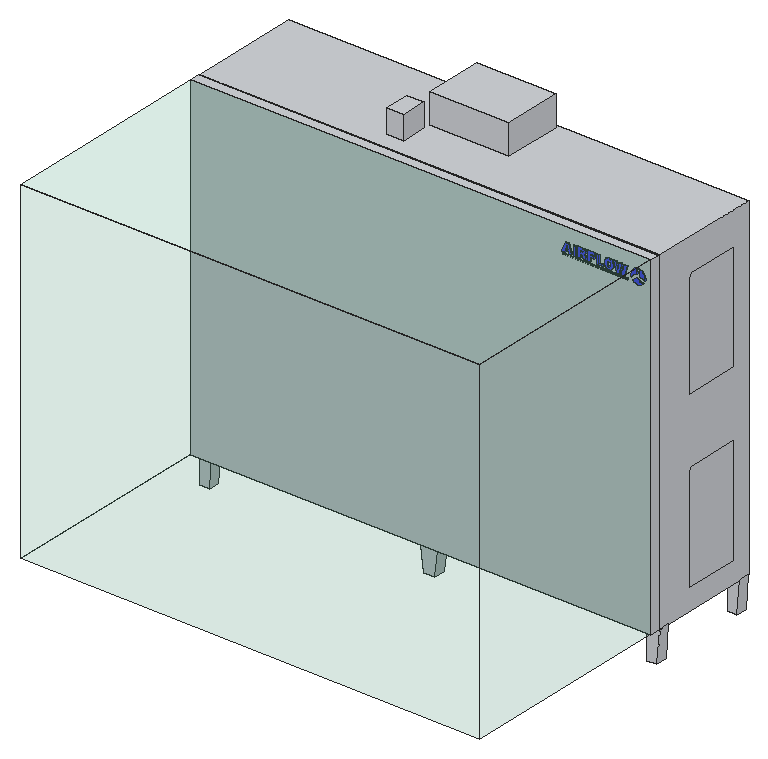
Revit family "DUPLEXVENT Flexi DV2600", category Mechanical Equipment, Revit 2015
Parameters (values of type "Flexi DV2600")
  e-mail = "info@airflow.com"
  Width mm = "2150"
  Weekly clock control as a standard feature = "Yes"
  Web site = "www.airflow.com"
  Water or DX heating and cooling coils (optional) = "Yes"
  Warranty = "3 Years"
  Voltage Supply      Single Phase = "220-240v ac"
  Versatile positioning (floor/ceiling installation) = "Yes"
  Unique triple filter design = ""
  Telephone = "01494 525252"
  Technical support = "01494 560950"
  Supply air filter = "F7"
  Summer By-pass = "Automatic"
  SAP Appendix Q Eligible = "No"
  Pre-heater = "Optional  10500 W"
  Post-heater = "Optional  10500 W"
  Passive House Certified = "Yes"
  Part number = "90000069"
  Model = "FLEXI DV2600"
  Meets Building Regulations Approved Document F 2010 = "Yes"
  Max Air Volume  m3/hr = "3100"
  Internet connection = "Yes"
  ISO9001   Quality Assurance approved = ""
  ISO14001 Environmental Management approved = ""
  IP Rating = ""
  Humidity control (optional) = "Yes"
  Height mm = "1570"
  Heat Recovery = ">90%"
  Heat Exchanger = "Counterflow"
  Frost protection = "Included"
  Frequency = "50Hz"
  Filter maintenance reminder = "Yes"
  Fan input = "305-870 W DC"
  Extract air filter = "M5"
  Excellent heat recovery efficiency of the counter flow cell = "Yes"
  Electronic control panel with LCD display = "Yes"
  EC motor for fine speed control = "Yes"
  Duct Connections = "4 x 500x250mm dia"
  Depth mm = "570"
  Control Standard = "Digital - 10 Speed,BMS (MODBUS) + Internet"
  Control Optional = "Humidity,CO2,Air quality"
  Condensate pipe dia = "21mm"
  Company Accreditations = ""
  Carbon dioxide control (optional) = "Yes"
  Built-in electric heater (standard) = ""
  Balanced supply and extract air ventilation with heat recovery = "Yes"
  Automatic cut-out switch = ""
  Airflow Developments Limited = "Lancaster Road,Cressex Business Park,HighWycombe,HP12 3QP"
  Air Volume @ Pa = "2600@200Pa"
  100% Summer/Winter by-pass = "Yes"
Reference planes
  plane 1 "Center (Front/Back)": y = 0
  plane 2: z = 0
  plane 3 "Center (Left/Right)": x = 0
  plane 4: x = 1100
  plane 5: x = 1101.691
  plane 6: x = -1100
  plane 7: y = -310
  plane 8: y = -1310
Forms (mm)
  Extrusion 1, solid
    sketch origin (0, 0, 960) x (0, 1, 0) y (0, 0, 1)
      loop
        line (170, 600) -> (-80, 600) -> (-80, 100) -> (170, 100) -> (170, 600)
    from 1066.958 to 1075
  Extrusion 2, solid
    sketch origin (-1185, 0, 960) x (0, 1, 0) y (0, 0, 1)
      loop
        line (170, 600) -> (-80, 600) -> (-80, 100) -> (170, 100) -> (170, 600)
    from 110 to 120
  Extrusion 3, solid
    sketch origin (-1880, 0, 150) x (0, 1, 0) y (0, 0, 1)
      loop
        line (170, 600) -> (-80, 600) -> (-80, 100) -> (170, 100) -> (170, 600)
    from 805 to 815
  Extrusion 4, solid, material "Clearance - Daikin - Green (80% Transparent)"
    sketch origin (-2172.84, 304.161, 0) x (1, 0, 0) y (0, 1, 0)
      loop
        line (1097.84, -614.161) -> (1097.84, -1614.161) -> (3247.84, -1614.161) -> (3247.84, -614.161) -> (1097.84, -614.161)
    from 150 to 1720
  Extrusion 5, solid, material "Default New Material"
    sketch origin (627.231, -309.818, 1066.521) x (1, 0, 0) y (0, 0, 1)
      loop
        line (33.662, 546.992) -> (47.504, 546.992) -> (49.8, 554.501) -> (64.199, 554.501) -> (66.495, 546.992) -> (80.707, 546.992) -> (64.23, 592.263) -> (50.139, 592.263) -> (33.662, 546.992)
    from 0 to 2
  Extrusion 6, solid, material "Default New Material"
    sketch origin (644.731, -309.818, 1066.521) x (1, 0, 0) y (0, 0, 1)
      loop
        line (69.991, 592.263) -> (69.991, 546.992) -> (81.006, 546.992) -> (81.006, 592.263) -> (69.991, 592.263)
    from 0 to 2
  Extrusion 7, solid, material "Default New Material"
    sketch origin (653.481, -309.818, 1064.646) x (1, 0, 0) y (0, 0, 1)
      loop
        line (80.196, 594.421) -> (80.196, 549.269) -> (93.366, 549.269) -> (93.366, 564.757) -> (103.042, 564.757)
        arc (103.042, 564.757) -> (105.945, 561.42) -> (106.877, 557.096) r 8.876
        arc (106.877, 557.096) -> (106.978, 553.159) -> (107.589, 549.269) r 30.266
        line (107.589, 549.269) -> (120.811, 549.269) -> (120.034, 552.165)
        arc (120.034, 552.165) -> (119.324, 562.114) -> (114.35, 570.758) r 22.312
        arc (114.35, 570.758) -> (120.1, 584.759) -> (108.45, 594.421) r 12.774
        line (108.45, 594.421) -> (80.196, 594.421)
    from 0 to 2
  Extrusion 8, solid, material "Default New Material"
    sketch origin (673.481, -309.818, 1067.146) x (1, 0, 0) y (0, 0, 1)
      loop
        line (107.47, 592.03) -> (107.47, 547.811) -> (121.006, 547.811) -> (121.006, 565.157) -> (138.209, 565.157) -> (138.209, 575.182) -> (121.006, 575.182) -> (121.006, 580.832) -> (141.27, 580.832) -> (141.27, 592.03) -> (107.47, 592.03)
    from 0 to 2
  Extrusion 9, solid, material "Default New Material"
    sketch origin (689.731, -309.818, 1059.021) x (1, 0, 0) y (0, 0, 1)
      loop
        line (131.775, 600.068) -> (131.775, 555.608) -> (164.524, 555.608) -> (164.524, 566.494) -> (145.386, 566.494) -> (145.386, 600.068) -> (131.775, 600.068)
    from 0 to 2
  Extrusion 10, solid, material "Default New Material"
    sketch origin (709.106, -309.818, 1072.771) x (1, 0, 0) y (0, 0, 1)
      loop
        line (150.928, 566.262) -> (150.928, 557.838)
        arc (150.928, 557.838) -> (172.103, 540.791) -> (193.278, 557.838) r 21.675
        line (193.278, 557.838) -> (193.278, 566.262)
        arc (193.278, 566.262) -> (172.103, 587.437) -> (150.928, 566.262) r 21.175
    from 0 to 2
  Extrusion 11, solid, material "Default New Material"
    sketch origin (722.856, -309.818, 1073.396) x (1, 0, 0) y (0, 0, 1)
      loop
        line (180.086, 586.527) -> (192.731, 539.337) -> (207.266, 539.337) -> (211.814, 568.052) -> (216.877, 539.337) -> (231.678, 539.337) -> (244.322, 586.527) -> (229.562, 586.527) -> (224.384, 559.884) -> (218.233, 586.527) -> (205.528, 586.527) -> (200.223, 559.235) -> (193.922, 586.527) -> (180.086, 586.527)
    from 0 to 2
  Extrusion 12, solid, material "Default New Material"
    sketch origin (764.731, -309.818, 1072.771) x (1, 0, 0) y (0, 0, 1)
      loop
        arc (221.303, 544.682) -> (232.336, 558.541) -> (247.466, 567.754) r 50.651
        arc (247.466, 567.754) -> (247.504, 579.86) -> (244.131, 591.486) r 42.547
        arc (244.131, 591.486) -> (223.132, 572.759) -> (221.303, 544.682) r 37.116
    from 0 to 2
  Extrusion 13, solid, material "Default New Material"
    sketch origin (760.981, -309.818, 1050.896) x (1, 0, 0) y (0, 0, 1)
      loop
        arc (232.653, 557.878) -> (258.976, 547.801) -> (283.475, 561.739) r 32.985
        arc (283.475, 561.739) -> (266.143, 564.019) -> (250.499, 571.82) r 52.926
        arc (250.499, 571.82) -> (240.936, 565.669) -> (232.653, 557.878) r 62.148
    from 0 to 2
  Extrusion 14, solid, material "Default New Material"
    sketch origin (770.356, -309.818, 1070.271) x (1, 0, 0) y (0, 0, 1)
      loop
        arc (249.42, 593.599) -> (255.124, 579.573) -> (256.146, 564.467) r 47.706
        arc (256.146, 564.467) -> (266.559, 557.722) -> (278.738, 555.349) r 32.649
        arc (278.738, 555.349) -> (272.504, 580.931) -> (249.42, 593.599) r 32.657
    from 0 to 2
  Extrusion 15, void
    sketch origin (627.231, -129.618, 1066.521) x (1, 0, 0) y (0, 0, 1)
      loop
        line (50.895, 558.084) -> (63.104, 558.084) -> (57, 578.051) -> (50.895, 558.084)
    from 180.2 to 183
  Extrusion 16, void
    sketch origin (653.481, -129.618, 1065.896) x (1, 0, 0) y (0, 0, 1)
      loop
        line (93.366, 582.916) -> (93.366, 572.444) -> (104.52, 572.444)
        arc (104.52, 572.444) -> (108.275, 577.68) -> (104.52, 582.916) r 5.528
        line (104.52, 582.916) -> (93.366, 582.916)
    from 180.2 to 183
  Extrusion 17, void
    sketch origin (711.293, -129.618, 1064.021) x (1, 0, 0) y (0, 0, 1)
      loop
        line (162.775, 575.888) -> (162.775, 569.468)
        arc (162.775, 569.468) -> (169.969, 562.274) -> (177.164, 569.468) r 7.195
        line (177.164, 569.468) -> (177.164, 575.888)
        arc (177.164, 575.888) -> (169.969, 583.083) -> (162.775, 575.888) r 7.195
    from 180.2 to 183
  Extrusion 18, solid, material "PVC, Flexible"
    sketch origin (659.731, -130.618, 1051.521) x (1, 0, 0) y (0, 0, 1)
      loop
        line (4.524, 555.993) -> (4.524, 554.731) -> (307.911, 554.731) -> (307.911, 555.993) -> (4.524, 555.993)
    from 179 to 181
  Extrusion 19, solid, material "PVC, Flexible"
    sketch origin (659.731, -130.618, 1047.448) x (1, 0, 0) y (0, 0, 1)
      loop
        line (4.524, 555.993) -> (4.524, 554.731) -> (307.911, 554.731) -> (307.911, 555.993) -> (4.524, 555.993)
    from 179 to 181
  Extrusion 20, solid
    sketch origin (0, 0, 0) x (1, 0, 0) y (0, 1, 0)
      loop
        line (-1075, 260) -> (-1075, -260) -> (1075, -260) -> (1075, 260) -> (-1075, 260)
    from 150 to 1720
  Extrusion 21, solid
    sketch origin (0, 0, 0) x (1, 0, 0) y (0, 1, 0)
      loop
        line (-1075, -265) -> (-1075, -310) -> (1075, -310) -> (1075, -265) -> (-1075, -265)
    from 150 to 1720
  Extrusion 22, solid
    sketch origin (0, 0, 0) x (1, 0, 0) y (0, 1, 0)
      loop
        line (-265, -60) -> (-265, -180) -> (-185, -180) -> (-185, -60) -> (-265, -60)
    from 1720 to 1830
  Extrusion 23, solid
    sketch origin (0, 0, 0) x (1, 0, 0) y (0, 1, 0)
      loop
        line (-185, 245) -> (-185, -30) -> (185, -30) -> (185, 245) -> (-185, 245)
    from 1720 to 1860
  Extrusion 24, solid
    sketch origin (0, 0, 150) x (0, 1, 0) y (0, 0, 1)
      loop
        line (170, 600) -> (-80, 600) -> (-80, 100) -> (170, 100) -> (170, 600)
    from 1066.958 to 1075
  Blend 25, solid
    base sketch origin (0, 0, 0) x (1, 0, 0) y (0, 1, 0)
      loop
        line (-1075, 260) -> (-1075, 210) -> (-1017, 210) -> (-1017, 260) -> (-1075, 260)
    top sketch origin (0, 0, 0) x (1, 0, 0) y (0, 1, 0)
      loop
        line (-1075, 260) -> (-1075, 210) -> (-1029, 210) -> (-1029, 260) -> (-1075, 260)
    from 150 to 0
  Blend 26, solid
    base sketch origin (0, -470, 0) x (1, 0, 0) y (0, 1, 0)
      loop
        line (-1075, 260) -> (-1075, 210) -> (-1017, 210) -> (-1017, 260) -> (-1075, 260)
    top sketch origin (0, -470, 0) x (1, 0, 0) y (0, 1, 0)
      loop
        line (-1075, 260) -> (-1075, 210) -> (-1029, 210) -> (-1029, 260) -> (-1075, 260)
    from 150 to 0
  Blend 27, solid
    base sketch origin (2092, 0, 0) x (1, 0, 0) y (0, 1, 0)
      loop
        line (-1075, 260) -> (-1075, 210) -> (-1017, 210) -> (-1017, 260) -> (-1075, 260)
    top sketch origin (2092, 0, 0) x (1, 0, 0) y (0, 1, 0)
      loop
        line (-1075, 260) -> (-1075, 210) -> (-1029, 210) -> (-1029, 260) -> (-1075, 260)
    from 150 to 0
  Blend 28, solid
    base sketch origin (2092, -470, 0) x (1, 0, 0) y (0, 1, 0)
      loop
        line (-1075, 260) -> (-1075, 210) -> (-1017, 210) -> (-1017, 260) -> (-1075, 260)
    top sketch origin (2092, -470, 0) x (1, 0, 0) y (0, 1, 0)
      loop
        line (-1075, 260) -> (-1075, 210) -> (-1029, 210) -> (-1029, 260) -> (-1075, 260)
    from 150 to 0
  Blend 29, solid
    base sketch origin (0, 0, 0) x (1, 0, 0) y (0, 1, 0)
      loop
        line (-45.072, 260) -> (-45.072, 210) -> (44.928, 210) -> (44.928, 260) -> (-45.072, 260)
    top sketch origin (0, 0, 0) x (1, 0, 0) y (0, 1, 0)
      loop
        line (-25.072, 260) -> (-25.072, 210) -> (24.928, 210) -> (24.928, 260) -> (-25.072, 260)
    from 150 to 0
  Blend 30, solid
    base sketch origin (0, -470, 0) x (1, 0, 0) y (0, 1, 0)
      loop
        line (-45.072, 260) -> (-45.072, 210) -> (44.928, 210) -> (44.928, 260) -> (-45.072, 260)
    top sketch origin (0, -470, 0) x (1, 0, 0) y (0, 1, 0)
      loop
        line (-25.072, 260) -> (-25.072, 210) -> (24.928, 210) -> (24.928, 260) -> (-25.072, 260)
    from 150 to 0
Cuts and joins
  Extrusion 15 cuts Extrusion 5
  Extrusion 16 cuts Extrusion 7
  Extrusion 17 cuts Extrusion 10
Dimensions and locks
  Extrusion 1 to Extrusion 1 = 8.042 mm
  plane 7 to plane 8 = 1000 mm
  Extrusion 4 to Extrusion 4 = 2150 mm
  plane 6 to plane 5 = 2201.691 mm
  aligned and locked: Extrusion 2 to Extrusion 3  (x2)
  aligned and locked: Extrusion 4 to plane 8
Connectors
  hvac at (1075, 45, 1310)
    settings: on Extrusion 1, index 1, duct flow 0.0 L/s, flow factor 0, pres drop 0.0 Pa, loss coef 0, conn angle 0.00°, conn width 250 mm, conn height 500 mm, conn diameter 609.6 mm, duct sys type 2, conn prof type 1, flow config 0, flow direction 2, loss method 0, conn ref index -1, conn util no, is conn primary yes, conn desc ""
  hvac at (-1075, 45, 500)
    settings: on Extrusion 3, index 3, duct flow 0.0 L/s, flow factor 0, pres drop 0.0 Pa, loss coef 0, conn angle 0.00°, conn width 250 mm, conn height 500 mm, conn diameter 609.6 mm, duct sys type 2, conn prof type 1, flow config 0, flow direction 1, loss method 0, conn ref index -1, conn util no, is conn primary no, conn desc ""
  hvac at (-1075, 45, 1310)
    settings: on Extrusion 2, index 5, duct flow 0.0 L/s, flow factor 0, pres drop 0.0 Pa, loss coef 0, conn angle 0.00°, conn width 250 mm, conn height 500 mm, conn diameter 609.6 mm, duct sys type 1, conn prof type 1, flow config 0, flow direction 2, loss method 0, conn ref index -1, conn util no, is conn primary no, conn desc ""
  hvac at (1075, 45, 500)
    settings: on Extrusion 24, index 6, duct flow 0.0 L/s, flow factor 0, pres drop 0.0 Pa, loss coef 0, conn angle 0.00°, conn width 250 mm, conn height 500 mm, conn diameter 609.6 mm, duct sys type 1, conn prof type 1, flow config 0, flow direction 1, loss method 0, conn ref index -1, conn util no, is conn primary no, conn desc ""
